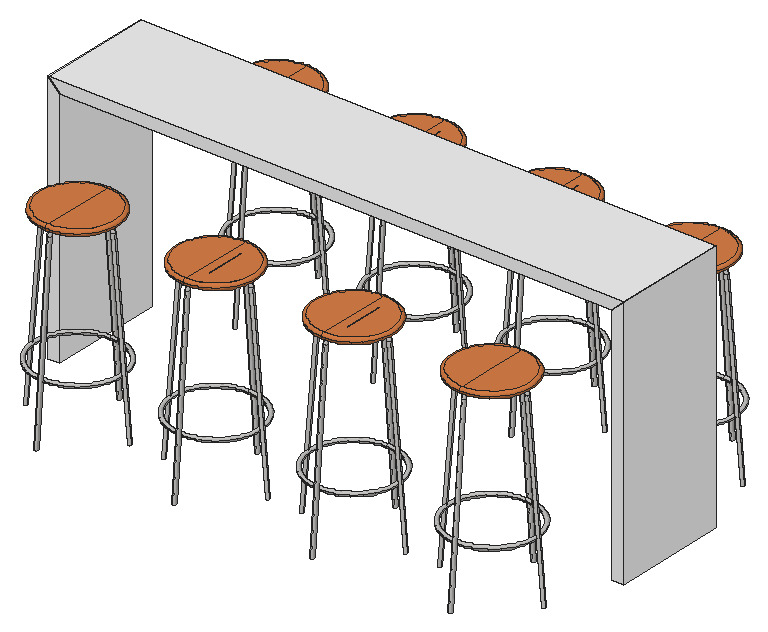
Revit family "Meeting Section High", category Furniture, Revit 2015
Parameters
  Material Table [instance] = White
  Material Seat/Back [instance] = Orange Light
  Material Base [instance] = Stainless Steel
  Chair [instance] = Chair Bar 1 : 17.5x85cm
Reference planes
  plane 1 "Center (Front/Back)": y = 0
  plane 2: z = 0
  plane 3 "Center (Left/Right)": x = 0
Dimensions and locks
  equal spacing: nested 4, plane 1 "Center (Front/Back)", nested 1
  equal spacing: nested 7, plane 3 "Center (Left/Right)", nested 7
  equal spacing: nested 7, plane 1 "Center (Front/Back)", nested 7
  aligned and locked: level to plane 2
  aligned and locked: nested 4 to nested 5
  aligned and locked: nested 4 to nested 6
  aligned and locked: nested 1 to nested 2
  aligned and locked: nested 2 to nested 3
  aligned and locked: nested 3 to nested 8
  aligned and locked: nested 6 to nested 9
Nested families
  nested 1: "Chair Bar 1" at (-890, 540, 0), type <- "Chair", Material Seat/Back <- "Material Seat/Back", Material Base <- "Material Base", type "17.5x85cm"
  nested 2: "Chair Bar 1" at (-290, 540, 0), type <- "Chair", Material Seat/Back <- "Material Seat/Back", Material Base <- "Material Base", type "17.5x85cm"
  nested 3: "Chair Bar 1" at (310, 540, 0), type <- "Chair", Material Seat/Back <- "Material Seat/Back", Material Base <- "Material Base", type "17.5x85cm"
  nested 4: "Chair Bar 1" at (-890, -540, 0), type <- "Chair", Material Seat/Back <- "Material Seat/Back", Material Base <- "Material Base", type "17.5x85cm"
  nested 5: "Chair Bar 1" at (-290, -540, 0), type <- "Chair", Material Seat/Back <- "Material Seat/Back", Material Base <- "Material Base", type "17.5x85cm"
  nested 6: "Chair Bar 1" at (310, -540, 0), type <- "Chair", Material Seat/Back <- "Material Seat/Back", Material Base <- "Material Base", type "17.5x85cm"
  nested 7: "Table Standing" at (-208.217, 292.074, 0), Material <- "Material Table", type "Table Standing"
  nested 8: "Chair Bar 1" at (910, 540, 0), type <- "Chair", Material Seat/Back <- "Material Seat/Back", Material Base <- "Material Base", type "17.5x85cm"
  nested 9: "Chair Bar 1" at (910, -540, 0), type <- "Chair", Material Seat/Back <- "Material Seat/Back", Material Base <- "Material Base", type "17.5x85cm"
Definition of nested family "Chair Bar 1"
  Parameters
    Material Seat/Back [instance] = none
    Material Base [instance] = none
    Keynote = ""
    Assembly Code = ""
    Height = 850 mm
    Radius = 175 mm
  Reference planes
    plane 1 "Center F/B": y = 0
    plane 2: z = 0
    plane 3 "Center L/R": x = 0
    plane 4: z = 850
    plane 5: z = 254
  Forms (mm)
    Sweep 1, solid, material <- "Material Base"
      path origin (0, 0, 0) x (1, 0, 0) y (0, 0, 1)
        loop
          line (225.733, 0) -> (154.429, 801.414)
          arc (154.429, 801.414) -> (146.285, 817.927) -> (129.125, 824.6) r 25.4
          line (129.125, 824.6) -> (-129.125, 824.6)
          arc (-129.125, 824.6) -> (-146.285, 817.927) -> (-154.429, 801.414) r 25.4
          line (-154.429, 801.414) -> (-225.733, 0)
      profile origin (0, 0, 0) x (0, 0, -1) y (0, -1, 0)
        loop
          circle (-824.6, 0) r 7.5
    Sweep 2, solid, material <- "Material Base"
      path origin (0, 0, 0) x (0, 1, 0) y (0, 0, 1)
        loop
          line (-225.733, 0) -> (-154.429, 801.414)
          arc (-154.429, 801.414) -> (-146.285, 817.927) -> (-129.125, 824.6) r 25.4
          line (-129.125, 824.6) -> (129.125, 824.6)
          arc (129.125, 824.6) -> (146.285, 817.927) -> (154.429, 801.414) r 25.4
          line (154.429, 801.414) -> (225.733, 0)
      profile origin (0, 0, 0) x (0, 0, 1) y (1, 0, 0)
        loop
          circle (824.6, 0) r 7.5
    Revolve 3, solid, material <- "Material Seat/Back"
      sketch origin (0, 0, 0) x (0, 1, 0) y (0, 0, 1)
        loop
          line (0, 850) -> (0, 824.6) -> (162.3, 824.6)
          arc (162.3, 824.6) -> (171.28, 828.32) -> (175, 837.3) r 12.7
          arc (175, 837.3) -> (171.28, 846.28) -> (162.3, 850) r 12.7
          line (162.3, 850) -> (0, 850)
        axis (0, 824.6) -> (0, 850)
      angle from 0 to 360
    Sweep 4, solid, material <- "Material Base"
      path origin (0, 0, 254) x (0, -1, 0) y (1, 0, 0)
        loop
          circle (0, 0) r 209.918
      profile origin (0, 0, 254) x (-1, 0, 0) y (0, 0, 1)
        loop
          circle (188.053, 0) r 7.5
  Lines and regions (mm)
    symbolic lines
      curve 1: line (15.875, 226.487, 0) -> (15.875, 202.952, 0)
      curve 2: line (-15.875, 226.487, 0) -> (-15.875, 202.952, 0)
      curve 3: arc (-15.875, 226.487, 0) -> (0, 242.362, 0) -> (15.875, 226.487, 0) r 15.875
      curve 4: line (-226.487, 15.875, 0) -> (-202.952, 15.875, 0)
      curve 5: line (-226.487, -15.875, 0) -> (-202.952, -15.875, 0)
      curve 6: line (-15.875, -226.487, 0) -> (-15.875, -202.952, 0)
      curve 7: line (15.875, -226.487, 0) -> (15.875, -202.952, 0)
      curve 8: line (226.487, -15.875, 0) -> (202.952, -15.875, 0)
      curve 9: line (226.487, 15.875, 0) -> (202.952, 15.875, 0)
      curve 10: arc (-226.487, 15.875, 0) -> (-242.362, 0, 0) -> (-226.487, -15.875, 0) r 15.875
      curve 11: arc (226.487, 15.875, 0) -> (242.362, 0, 0) -> (226.487, -15.875, 0) r 15.875
      curve 12: arc (-15.875, -226.487, 0) -> (0, -242.362, 0) -> (15.875, -226.487, 0) r 15.875
  Dimensions and locks
    "Height": plane 4 to plane 2
    "Radius": plane 1 "Center F/B" to Revolve 3 sketch curve
    locked: Revolve 3 sketch curve to Revolve 3 sketch curve at 12.7
  Automatic sketch dimensions
    Sweep 1 sketch curve to level = 0 mm  (x2)
    Sweep 1 sketch curve to plane 3 "Center L/R" = 225.733 mm
    plane 4 to Sweep 1 sketch curve = 48.586 mm
    Sweep 1 sketch curve to plane 3 "Center L/R" = 154.429 mm
    plane 4 to Sweep 1 sketch curve = 25.4 mm
    Sweep 1 sketch curve to Sweep 1 sketch curve = 25.303 mm  (x2)
    plane 3 "Center L/R" to Sweep 1 sketch curve = 129.125 mm
    plane 3 "Center L/R" to Sweep 1 sketch curve = 225.733 mm
    Sweep 1 sketch curve to Sweep 1 sketch curve = 25.4 mm
    Sweep 2 sketch curve to level = 0 mm  (x2)
    plane 1 "Center F/B" to Sweep 2 sketch curve = 225.733 mm
    plane 4 to Sweep 2 sketch curve = 48.586 mm  (x2)
    plane 1 "Center F/B" to Sweep 2 sketch curve = 154.429 mm
    Sweep 2 sketch curve to Sweep 2 sketch curve = 25.303 mm  (x2)
    Sweep 2 sketch curve to plane 1 "Center F/B" = 129.125 mm
    Sweep 2 sketch curve to plane 1 "Center F/B" = 225.733 mm
    Sweep 2 sketch curve to Sweep 2 sketch curve = 2.214 mm
    Revolve 3 sketch curve to plane 1 "Center F/B" = 0 mm  (x2)
    Revolve 3 sketch curve to plane 4 = 0 mm
    Revolve 3 sketch curve to Revolve 3 sketch curve = 0 mm
    Revolve 3 sketch curve to plane 4 = 50.8 mm
    Revolve 3 sketch curve to Revolve 3 sketch curve = 50.8 mm
    Sweep 4 sketch curve to plane 3 "Center L/R" = 0 mm
    Sweep 4 sketch curve to plane 1 "Center F/B" = 0 mm
    Sweep 4 sketch curve to Sweep 4 sketch curve = 209.918 mm
    curve 10 to plane 1 "Center F/B" = 0 mm
    curve 3 to plane 3 "Center L/R" = 0 mm
    curve 12 to plane 3 "Center L/R" = 0 mm
    curve 11 to plane 1 "Center F/B" = 0 mm
    curve 12 to curve 12 = 15.875 mm
    curve 2 to plane 3 "Center L/R" = 15.875 mm
    curve 4 to plane 1 "Center F/B" = 15.875 mm
    curve 4 to plane 3 "Center L/R" = 202.952 mm
    curve 5 to curve 5 = 23.535 mm
    curve 9 to plane 1 "Center F/B" = 15.875 mm
    curve 8 to curve 11 = 23.535 mm
    curve 12 to curve 6 = 23.535 mm
    curve 2 to curve 3 = 23.535 mm
    curve 10 to curve 4 = 23.535 mm
    plane 3 "Center L/R" to curve 8 = 202.952 mm
    curve 9 to curve 9 = 23.535 mm
    plane 1 "Center F/B" to curve 7 = 202.952 mm
    curve 6 to curve 7 = 0 mm
    curve 1 to plane 1 "Center F/B" = 202.952 mm
    curve 2 to curve 1 = 0 mm
    Sweep 1 sketch curve to plane 1 "Center F/B" = 0 mm
    Sweep 1 sketch curve to profile plane = 0 mm
    Sweep 4 sketch curve to plane 5 = 0 mm
    profile plane to Sweep 4 sketch curve = 21.866 mm
    Sweep 2 sketch curve to plane 3 "Center L/R" = 0 mm
    Sweep 2 sketch curve to profile plane = 0 mm
    radius of Sweep 1 sketch curve = 7.5 mm
    radius of Sweep 4 sketch curve = 7.5 mm
    radius of Sweep 2 sketch curve = 7.5 mm
Definition of nested family "Table Standing"
  Parameters
    Material [instance] = none
  Reference planes
    plane 1 "Center (Front/Back)": y = -42.074
    plane 2: z = 0
    plane 3 "Center (Left/Right)": x = 0
    plane 4: z = 1100
  Forms (mm)
    Extrusion 1, solid, material <- "Material"
      sketch origin (0, -42.074, 0) x (1, 0, 0) y (0, 0, 1)
        loop
          line (-1041.783, 0) -> (-991.783, 0) -> (-991.783, 1050) -> (-1041.783, 1100) -> (-1041.783, 0)
      from 0 to 500
    Extrusion 2, solid, material <- "Material"
      sketch origin (0, -42.074, 0) x (1, 0, 0) y (0, 0, 1)
        loop
          line (-1041.783, 1100) -> (-991.783, 1050) -> (1408.217, 1050) -> (1458.217, 1100) -> (-1041.783, 1100)
      from 0 to 500
    Extrusion 3, solid, material <- "Material"
      sketch origin (0, -42.074, 0) x (1, 0, 0) y (0, 0, 1)
        loop
          line (1458.217, 1100) -> (1408.217, 1050) -> (1408.217, 0) -> (1458.217, 0) -> (1458.217, 1100)
      from 0 to 500
